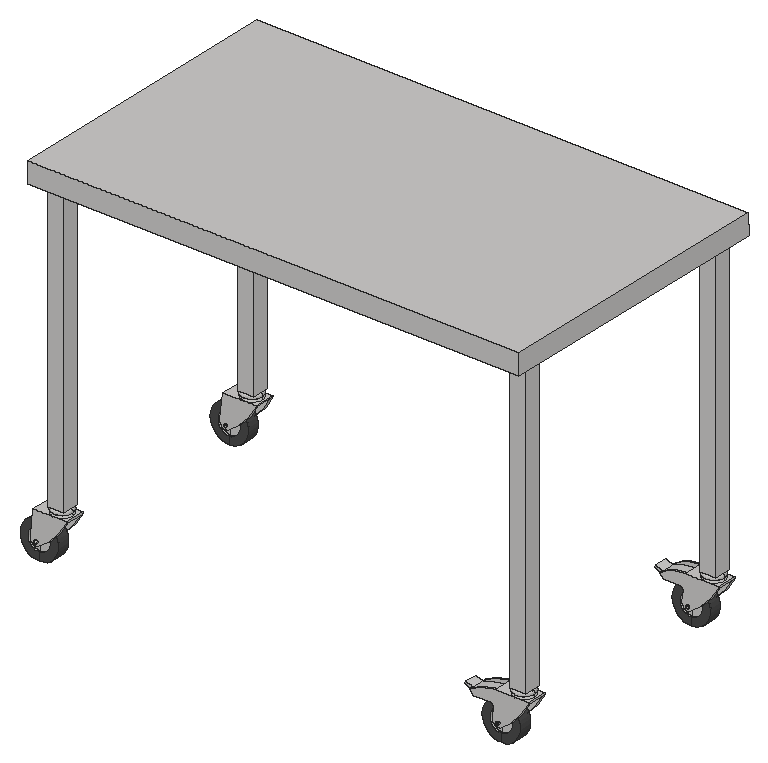
Revit family "QF_ELECTROLUXPROFESSIONAL_132837_WTD1207NR", category Attrezzature speciali, Revit 2020
Family settings
  Quota connettore circolare = Usa diametro
  Tipo di parte = Normale
  Basato su piano di lavoro = No
  Sempre verticale = Sì
  Taglio con vuoti quando caricato = No
  Condiviso = No
  Punto di calcolo locali = No
Parameters (values of type "Standard")
  Weight = 43.00 kg
  Watts = 0 W
  Volts = 0 V
  URL Manufacturer = "https://www.electroluxprofessional.com/"
  URL = "https://www.electroluxprofessional.com/"
  Steam Supply Size = 0 mm
  Steam Supply Minimum Pressure = 0.0 Pa
  Steam Supply Maximum Pressure = 0.0 Pa
  Steam Consumption per Hour = 0
  Refrigeration Suction Line Size = 0.0 mm
  Refrigeration Liquid Line Size = 0.0 mm
  Refrigerant Compressor Remote = yes
  Prospetto di default = 0.0 mm
  Produttore = "Electrolux Professional"
  Phase = 0
  Modello = "WTD1207NR"
  Length Actual = 1200.0 mm  # constant formula
  Item Number = "132837"
  Hot Water Size = 0 mm
  Height Actual = 900.0 mm  # constant formula
  HP = "0 HP"
  Gas Size = 0 mm
  Gas KW = 0
  Gas Input Pressure = 0 W
  Direct Waste Size = 0 mm
  Descrizione = "WORK TABLE ON WHEELS 1200MM H900"
  Depth Actual = 700.0 mm  # constant formula
  Cycle = 0 Hz
  Condensate Return Size = 0 mm
  Compressed Air Volume = 0.0 L/s
  Compressed Air Size = 0 mm
  Compressed Air Pressure = 0.0 Pa
  Cold Water Size = 0 mm
  Accessory = yes
Reference planes
  plane 1 "Center (Front/Back)": y = 0
  plane 2: z = 0
  plane 3 "Center (Left/Right)": x = 0
  plane 4 "LEFT": x = -600
  plane 5 "RIGHT": x = 600
  plane 6 "BACK": y = 350
  plane 7 "FRONT": y = -350
  plane 8 "Base": z = 850
  plane 9 "TOP": z = 900
  plane 10: x = -564.5
  plane 11: x = 564.5
  plane 12: y = 290
  plane 13: y = -290
Forms (mm)
  Extrusion 1, solid, material "QF_Finishes_Stainless Steel"
    sketch origin (0, 0, 900) x (0, 1, 0) y (-1, 0, 0)
      loop
        line (350, 600) -> (-350, 600) -> (-350, -600) -> (350, -600) -> (350, 600)
    from 0 to -50
  Extrusion 2, solid, material "QF_Finishes_Stainless Steel"
    sketch origin (0, 0, 0) x (0, 1, 0) y (0, 0, 1)
      loop
        line (350, 900) -> (-350, 900) -> (-350, 850) -> (350, 850) -> (350, 900)
    from 600 to -600
Lines and regions (mm)
  symbolic lines
    curve 1: line (600, 350, 900) -> (-600, 350, 900)
    curve 2: line (-600, 350, 900) -> (-600, -350, 900)
    curve 3: line (-600, -350, 900) -> (600, -350, 900)
    curve 4: line (600, -350, 900) -> (600, 350, 900)
Dimensions and locks
  plane 4 "LEFT" to plane 5 "RIGHT" = 1200.0 mm
  equal spacing: plane 4 "LEFT", plane 3 "Center (Left/Right)", plane 5 "RIGHT"
  equal spacing: plane 6 "BACK", plane 1 "Center (Front/Back)", plane 7 "FRONT"
  plane 6 "BACK" to plane 7 "FRONT" = 700.0 mm
  plane 8 "Base" to level = 850.0 mm
  plane 9 "TOP" to level = 900.0 mm
  plane 6 "BACK" to plane 12 = 60.0 mm
  plane 13 to plane 7 "FRONT" = 60.0 mm
  plane 4 "LEFT" to plane 10 = 35.5 mm
  plane 11 to plane 5 "RIGHT" = 35.5 mm
  plane 10 to plane 11 = 1129.0 mm
  plane 12 to plane 13 = 580.0 mm
  aligned and locked: level to plane 2
  aligned and locked: plane 10 to nested 1
  aligned and locked: nested 1 to plane 13
  aligned and locked: plane 11 to nested 2
  aligned and locked: nested 2 to plane 13
  aligned and locked: plane 11 to nested 4
  aligned and locked: nested 4 to plane 12
  aligned and locked: plane 10 to nested 3
  aligned and locked: nested 3 to plane 12
  aligned and locked: Extrusion 1 sketch curve to plane 6 "BACK"
  aligned and locked: Extrusion 1 sketch curve to plane 4 "LEFT"
  aligned and locked: Extrusion 1 sketch curve to plane 7 "FRONT"
  aligned and locked: Extrusion 1 sketch curve to plane 5 "RIGHT"
  aligned and locked: plane 12 to nested 6
  aligned and locked: plane 11 to nested 6
  aligned and locked: plane 13 to nested 5
  aligned and locked: plane 10 to nested 5
  aligned and locked: plane 12 to nested 7
  aligned and locked: plane 10 to nested 7
  aligned and locked: plane 11 to nested 8
  aligned and locked: plane 13 to nested 8
  aligned and locked: Extrusion 2 sketch curve to plane 6 "BACK"
  aligned and locked: Extrusion 2 sketch curve to plane 9 "TOP"
  aligned and locked: plane 8 "Base" to Extrusion 2 sketch curve
  aligned and locked: plane 7 "FRONT" to Extrusion 2 sketch curve
  aligned and locked: Extrusion 2 to plane 4 "LEFT"
  aligned and locked: plane 5 "RIGHT" to Extrusion 2
  aligned and locked: plane 6 "BACK" to Extrusion 2
  aligned and locked: Extrusion 2 to plane 7 "FRONT"
Automatic sketch dimensions
  curve 2 to plane 4 "LEFT" = 0.0 mm
  curve 2 to plane 7 "FRONT" = 0.0 mm
  curve 2 to plane 6 "BACK" = 0.0 mm
  curve 1 to plane 5 "RIGHT" = 0.0 mm
Nested families
  nested 1: "FEET_40x40_WHEEL" at (-564.5, -290, 0), type "FEET_40x40_WHEEL"
  nested 2: "FEET_40x40_WHEEL" at (564.5, -290, 0), type "FEET_40x40_WHEEL"
  nested 3: "FEET_40x40_WHEEL" at (-564.5, 290, 0), type "FEET_40x40_WHEEL"
  nested 4: "FEET_40x40_WHEEL" at (564.5, 290, 0), type "FEET_40x40_WHEEL"
  nested 5: "WHEEL130" at (-564.5, -190.35, 0), type "WHEEL130"
    with Type Mark "", Status "", Specification by User "", Revision Code "", Installed By "", Identify Quantity as Lot yes, Furnished By "", Foodservice Equipment Identifier yes
  nested 6: "WHEEL130_LOCKED" at (564.5, 389.65, 0), type "WHEEL130_LOCKED"
    with Type Mark "", Status "", Specification by User "", Revision Code "", Installed By "", Identify Quantity as Lot yes, Furnished By "", Foodservice Equipment Identifier yes
  nested 7: "WHEEL130" at (-564.5, 389.65, 0), type "WHEEL130"
    with Type Mark "", Status "", Specification by User "", Revision Code "", Installed By "", Identify Quantity as Lot yes, Furnished By "", Foodservice Equipment Identifier yes
  nested 8: "WHEEL130_LOCKED" at (564.5, -190.35, 0), type "WHEEL130_LOCKED"
    with Type Mark "", Status "", Specification by User "", Revision Code "", Installed By "", Identify Quantity as Lot yes, Furnished By "", Foodservice Equipment Identifier yes
Definition of nested family "FEET_40x40_WHEEL"
  Parameters
    Default Elevation = 0.0 mm
    FEET = 850.0 mm
  Reference planes
    plane 1 "Center (Front/Back)": y = 0
    plane 2: z = 0
    plane 3 "Center (Left/Right)": x = 0
    plane 4: z = 850
  Forms (mm)
    Extrusion 1, solid
      sketch origin (0, 0, 0) x (1, 0, 0) y (0, 1, 0)
        loop
          line (-20, -20) -> (20, -20) -> (20, 20) -> (-20, 20) -> (-20, -20)
      from 130 to 845
    Extrusion 2, solid
      sketch origin (0, 0, 0) x (1, 0, 0) y (0, 1, 0)
        loop
          line (30, 30) -> (-30, 30) -> (-30, -30) -> (30, -30) -> (30, 30)
      from 845 to 850
  Lines and regions (mm)
    symbolic lines
      curve 1: line (0, -1.503, 0) -> (0, 1.508, 0)
      curve 2: line (1.561, 0, 0) -> (-1.439, 0, 0)
  Dimensions and locks
    "FEET": plane 4 to plane 2
    aligned and locked: level to plane 2
  Automatic sketch dimensions
    Extrusion 1 sketch curve to plane 3 "Center (Left/Right)" = 20.0 mm
    plane 3 "Center (Left/Right)" to Extrusion 1 sketch curve = 20.0 mm
    plane 1 "Center (Front/Back)" to Extrusion 1 sketch curve = 20.0 mm
    Extrusion 1 sketch curve to plane 1 "Center (Front/Back)" = 20.0 mm
    plane 3 "Center (Left/Right)" to Extrusion 2 sketch curve = 30.0 mm
    Extrusion 2 sketch curve to plane 1 "Center (Front/Back)" = 30.0 mm
    Extrusion 2 sketch curve to plane 3 "Center (Left/Right)" = 30.0 mm
    plane 1 "Center (Front/Back)" to Extrusion 2 sketch curve = 30.0 mm
    plane 1 "Center (Front/Back)" to curve 2 = 0.0 mm
    curve 1 to plane 3 "Center (Left/Right)" = 0.0 mm
    curve 2 to plane 3 "Center (Left/Right)" = 1.439 mm
    plane 3 "Center (Left/Right)" to curve 2 = 1.561 mm
    plane 1 "Center (Front/Back)" to curve 1 = 1.503 mm
    curve 1 to plane 1 "Center (Front/Back)" = 1.508 mm
Definition of nested family "WHEEL130"
  Parameters
    Weight = ""
    URL Manufacturer = ""
    URL Cutsheet = ""
    URL = ""
    Type Mark [instance] = ""
    Status [instance] = ""
    Specification by User [instance] = ""
    Specification by Manufacturer = ""
    Serial Number = ""
    Seismic Rating = ""
    SMACNA No = ""
    Revision Code [instance] = ""
    Default Elevation = 0.0 mm
    Omniclass Number and Title = ""
    NAFEM Spec ID Number = ""
    Model = ""
    MasterSpec. = ""
    Manufacturer = ""
    Installed By [instance] = ""
    Identify Quantity as Lot [instance] = yes
    Furnished By [instance] = ""
    Foodservice Equipment Identifier [instance] = yes
    Description = ""
    CSI MasterFormat = ""
    CSI Master Format = ""
    Assembly Code = ""
  Reference planes
    plane 1: z = 0
    plane 2 "Center (Front/Back)": y = -99.65
    plane 3 "Center (Left/Right)": x = 0
    plane 4 "TOP": z = 130
    plane 5 "Center X Caster": x = -44
  Forms (mm)
    Revolve 1, solid
      sketch origin (-44, -53.609, -25.504) x (0, -1, 0) y (0, 0, 1)
        loop
          line (26.04, 72.523) -> (26.04, 66.136) -> (35.372, 66.136) -> (35.372, 45.418) -> (31.533, 45.418) -> (31.533, 25.504) -> (60.548, 25.504) -> (60.548, 45.418) -> (56.709, 45.418) -> (56.709, 66.136) -> (66.04, 66.136) -> (66.04, 72.523) -> (26.04, 72.523)
        loop
          line (71.04, 69.259) -> (72.755, 69.259) -> (74.056, 70.56) -> (74.056, 72.523) -> (71.04, 72.523) -> (71.04, 69.259)
        loop
          line (21.099, 69.259) -> (21.099, 72.523) -> (18.053, 72.523) -> (18.053, 70.56) -> (19.353, 69.259) -> (21.099, 69.259)
        axis (18.053, 72.523) -> (74.056, 72.523)
      angle from 0 to 360
    Extrusion 2, solid
      sketch origin (0, -99.65, 0) x (-1, 0, 0) y (0, 0, 1)
        loop
          line (51.098, 117.019) -> (-30.875, 117.019) -> (-30.453, 113.093)
          arc (-30.453, 113.093) -> (-1.61, 71.515) -> (37.622, 39.556) r 180.858
          arc (37.622, 39.556) -> (51.933, 40.484) -> (57.92, 53.515) r 14
          line (57.92, 53.515) -> (51.098, 117.019)
        loop
          circle (44, 47.019) r 3.264
      from -20 to -25
    Extrusion 3, solid
      sketch origin (0, -99.65, 0) x (-1, 0, 0) y (0, 0, 1)
        loop
          line (51.098, 117.019) -> (-30.875, 117.019) -> (-30.453, 113.093)
          arc (-30.453, 113.093) -> (-1.61, 71.515) -> (37.622, 39.556) r 180.858
          arc (37.622, 39.556) -> (51.933, 40.484) -> (57.92, 53.515) r 14
          line (57.92, 53.515) -> (51.098, 117.019)
        loop
          circle (44, 47.019) r 3.264
      from 20 to 25
    Revolve 4, solid
      sketch origin (0, -99.65, 0) x (-1, 0, 0) y (0, 0, 1)
        loop
          line (0, 130) -> (-20, 130)
          arc (-20, 130) -> (-23.905, 128.171) -> (-25, 124) r 5.083
          line (-25, 124) -> (-22.422, 124) -> (-22.422, 121.88) -> (-24.688, 117.019) -> (0, 117.019) -> (0, 130)
        axis (0, 130) -> (0, 117.019)
      angle from 0 to 360
    Extrusion 5, solid
      sketch origin (0, -99.65, 0) x (-1, 0, 0) y (0, 0, 1)
        loop
          line (-30.875, 117.019) -> (-30.453, 113.093) -> (51.519, 113.093) -> (51.098, 117.019) -> (-30.875, 117.019)
      from -20 to 20
  Cuts and joins
    joined: Extrusion 2, Extrusion 3, Extrusion 5
  Lines and regions (mm)
    symbolic lines
      curve 1: line (-10, -99.65, 0) -> (10, -99.65, 0)
      curve 2: line (0, -108.445, 0) -> (0, -90.405, 0)
  Dimensions and locks
    plane 4 "TOP" to level = 130.0 mm  (x3)
    aligned and locked: level to plane 1
Definition of nested family "WHEEL130_LOCKED"
  Parameters
    Weight = ""
    URL Manufacturer = ""
    URL Cutsheet = ""
    URL = ""
    Type Mark [instance] = ""
    Status [instance] = ""
    Specification by User [instance] = ""
    Specification by Manufacturer = ""
    Serial Number = ""
    Seismic Rating = ""
    SMACNA No = ""
    Revision Code [instance] = ""
    Default Elevation = 0.0 mm
    Omniclass Number and Title = ""
    NAFEM Spec ID Number = ""
    Model = ""
    MasterSpec. = ""
    Manufacturer = ""
    Installed By [instance] = ""
    Identify Quantity as Lot [instance] = yes
    Furnished By [instance] = ""
    Foodservice Equipment Identifier [instance] = yes
    Description = ""
    CSI MasterFormat = ""
    CSI Master Format = ""
    Assembly Code = ""
  Reference planes
    plane 1: z = 0
    plane 2 "Center (Front/Back)": y = -99.65
    plane 3 "Center (Left/Right)": x = 0
    plane 4 "TOP": z = 130
    plane 5 "Center X Caster": x = -44
  Forms (mm)
    Revolve 1, solid
      sketch origin (-44, -53.609, -25.504) x (0, -1, 0) y (0, 0, 1)
        loop
          line (26.04, 72.523) -> (26.04, 66.136) -> (35.372, 66.136) -> (35.372, 45.418) -> (31.533, 45.418) -> (31.533, 25.504) -> (60.548, 25.504) -> (60.548, 45.418) -> (56.709, 45.418) -> (56.709, 66.136) -> (66.04, 66.136) -> (66.04, 72.523) -> (26.04, 72.523)
        loop
          line (71.04, 69.259) -> (72.755, 69.259) -> (74.056, 70.56) -> (74.056, 72.523) -> (71.04, 72.523) -> (71.04, 69.259)
        loop
          line (21.099, 69.259) -> (21.099, 72.523) -> (18.053, 72.523) -> (18.053, 70.56) -> (19.353, 69.259) -> (21.099, 69.259)
        axis (18.053, 72.523) -> (74.056, 72.523)
      angle from 0 to 360
    Extrusion 2, solid
      sketch origin (0, -99.65, 0) x (-1, 0, 0) y (0, 0, 1)
        loop
          line (56.125, 117.019) -> (-30.875, 117.019) -> (-30.453, 113.093)
          arc (-30.453, 113.093) -> (-1.61, 71.515) -> (37.622, 39.556) r 180.858
          arc (37.622, 39.556) -> (51.933, 40.484) -> (57.92, 53.515) r 14
          line (57.92, 53.515) -> (55.234, 78.516)
          arc (55.234, 78.516) -> (57.071, 84.203) -> (62.528, 86.637) r 7.337
          line (62.528, 86.637) -> (102.952, 86.637) -> (113.559, 97.243)
          arc (113.559, 97.243) -> (85.909, 110.231) -> (56.125, 117.019) r 142.32
        loop
          circle (44, 47.019) r 3.264
      from -20 to -25
    Extrusion 3, solid
      sketch origin (0, -99.65, 0) x (-1, 0, 0) y (0, 0, 1)
        loop
          line (56.125, 117.019) -> (-30.875, 117.019) -> (-30.453, 113.093)
          arc (-30.453, 113.093) -> (-1.61, 71.515) -> (37.622, 39.556) r 180.858
          arc (37.622, 39.556) -> (51.933, 40.484) -> (57.92, 53.515) r 14
          line (57.92, 53.515) -> (55.234, 78.516)
          arc (55.234, 78.516) -> (57.071, 84.203) -> (62.528, 86.637) r 7.337
          line (62.528, 86.637) -> (102.952, 86.637) -> (113.559, 97.243)
          arc (113.559, 97.243) -> (85.909, 110.231) -> (56.125, 117.019) r 142.32
        loop
          circle (44, 47.019) r 3.264
      from 20 to 25
    Extrusion 4, solid
      sketch origin (0, -99.65, 0) x (-1, 0, 0) y (0, 0, 1)
        loop
          line (133.012, 98.841) -> (130.309, 103.34) -> (113.559, 97.243)
          arc (113.559, 97.243) -> (84.897, 105.851) -> (55.427, 111.06) r 256.377
          line (55.427, 111.06) -> (44.82, 111.06)
          arc (44.82, 111.06) -> (37.781, 106.584) -> (38.85, 98.311) r 7.772
          line (38.85, 98.311) -> (105.452, 92.484) -> (114.112, 87.484) -> (133.012, 98.841)
        loop
          circle (44, 105.324) r 3.494
      from -14.507 to 14.507
    Extrusion 5, solid
      sketch origin (0, -99.65, 0) x (-1, 0, 0) y (0, 0, 1)
        loop
          circle (44, 105.324) r 3.494
      from -20 to 20
    Revolve 6, solid
      sketch origin (0, -99.65, 0) x (-1, 0, 0) y (0, 0, 1)
        loop
          line (0, 130) -> (-20, 130)
          arc (-20, 130) -> (-23.905, 128.171) -> (-25, 124) r 5.083
          line (-25, 124) -> (-22.422, 124) -> (-22.422, 121.88) -> (-24.688, 117.019) -> (0, 117.019) -> (0, 130)
        axis (0, 130) -> (0, 117.019)
      angle from 0 to 360
    Extrusion 7, solid
      sketch origin (0, -99.65, 0) x (-1, 0, 0) y (0, 0, 1)
        loop
          line (-30.875, 117.019) -> (-30.453, 113.093) -> (51.519, 113.093) -> (51.098, 117.019) -> (-30.875, 117.019)
      from -20 to 20
  Cuts and joins
    joined: Extrusion 2, Extrusion 3, Extrusion 7
  Lines and regions (mm)
    symbolic lines
      curve 1: line (11.908, -99.65, 0) -> (-11.403, -99.65, 0)
      curve 2: line (0, -111.652, 0) -> (0, -88.928, 0)
  Dimensions and locks
    plane 4 "TOP" to level = 130.0 mm  (x3)
    aligned and locked: level to plane 1
